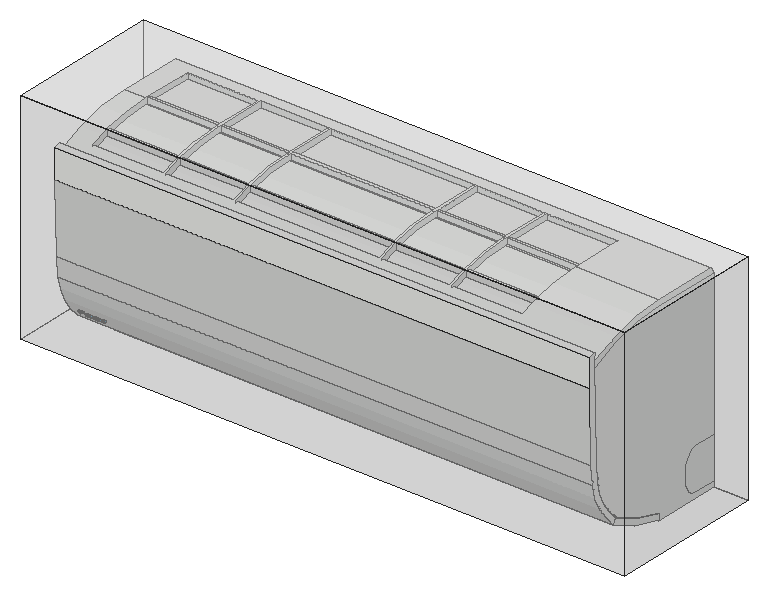
Revit family "outputfile", category 機械設備, Revit 2024
Family settings
  丸型コネクタ寸法 = 半径を使用
  パーツ タイプ = 標準
  OmniClass 番号 = 23.75.10.24.21.27.27
  OmniClass タイトル = Split System Air Conditioning Units
  作業面ベース = いいえ
  常に垂直 = はい
  ロード時にボイドで切り取り = いいえ
  注釈の向きを維持 = いいえ
  共有 = いいえ
  部屋計算ポイント = いいえ
Parameters (values of type "FTKM35XVMG")
  Description = ""
  書き出し IFC クラス(タイプ) = "IfcUnitaryEquipmentType"
  定義済み IFC タイプ(タイプ) = "AIRCONDITIONINGUNIT"
  Cost = 0
  Type Comments = ""
  Keynote = ""
  Type Image = (empty or 0)
  Assembly Code = ""
  w_wall hole = if(Width = 770.0 mm, 48.0 mm, 60.0 mm)  # 48.0 mm
  製造元 = "Daikin"
  モデル = "FTKM35XVMG"
  switch_frequency = yes
  r_Liquid Pipe Size = Liquid Pipe Size / 2  # 3.2 mm
  r_Gas Pipe Size = Gas Pipe Size / 2  # 4.75 mm
  r_Drain Pipe Size = Drain Pipe Size / 2  # 8.0 mm
  lw_powersupply [instance] = if(Width = 770.0 mm, if(or(Rear Right Connection_refrigerant, Bottom Right Connection_refrigerant), 25.0 mm, if(or(Rear Left Connection_refrigerant, Bottom Left Connection_refrigerant), 745.0 mm, 400.0 mm)), if(Width = 990.0 mm, if(or(Rear Right Connection_refrigerant, Bottom Right Connection_refrigerant), 40.0 mm, if(or(Rear Left Connection_refrigerant, Bottom Left Connection_refrigerant), 920.0 mm, 400.0 mm)), if(or(Rear Right Connection_refrigerant, Bottom Right Connection_refrigerant), 40.0 mm, if(or(Rear Left Connection_refrigerant, Bottom Left Connection_refrigerant), 920.0 mm, 400.0 mm))))  # 400.0 mm
  lw_liquidpipe [instance] = if(Width = 770.0 mm, if(or(Rear Right Connection_refrigerant, Bottom Right Connection_refrigerant), 0.0 mm, if(or(Rear Left Connection_refrigerant, Bottom Left Connection_refrigerant), 664.0 mm, 385.0 mm)), if(Width = 990.0 mm, if(or(Rear Right Connection_refrigerant, Bottom Right Connection_refrigerant), 0.0 mm, if(or(Rear Left Connection_refrigerant, Bottom Left Connection_refrigerant), 664.0 mm + (990.0 mm - 770.0 mm), 475.0 mm)), if(or(Rear Right Connection_refrigerant, Bottom Right Connection_refrigerant), 0.0 mm, if(or(Rear Left Connection_refrigerant, Bottom Left Connection_refrigerant), 664.0 mm + (990.0 mm - 770.0 mm), 475.0 mm))))  # 385.0 mm
  lw_gaspipe [instance] = if(Width = 770.0 mm, if(or(Rear Right Connection_refrigerant, Bottom Right Connection_refrigerant), 0.0 mm, if(or(Rear Left Connection_refrigerant, Bottom Left Connection_refrigerant), 675.0 mm, if(Gas Pipe Size = 12.7 mm, 345.0 mm, 335.0 mm))), if(Width = 990.0 mm, if(or(Rear Right Connection_refrigerant, Bottom Right Connection_refrigerant), 10.0 mm, if(or(Rear Left Connection_refrigerant, Bottom Left Connection_refrigerant), 890.0 mm, if(Gas Pipe Size = 15.9 mm, 400.0 mm, 400.0 mm))), if(or(Rear Right Connection_refrigerant, Bottom Right Connection_refrigerant), 10.0 mm, if(or(Rear Left Connection_refrigerant, Bottom Left Connection_refrigerant), 890.0 mm, if(Gas Pipe Size = 15.9 mm, 400.0 mm, 400.0 mm)))))  # 335.0 mm
  lw_drainpipe [instance] = if(Width = 770.0 mm, if(or(Rear Right Connection_refrigerant, Bottom Right Connection_refrigerant), 0.0 mm, if(or(Rear Left Connection_refrigerant, Bottom Left Connection_refrigerant), 770.0 mm - 48.0 mm - 48.0 mm, 440.0 mm)), if(Width = 990.0 mm, if(or(Rear Right Connection_refrigerant, Bottom Right Connection_refrigerant), 0.0 mm, if(or(Rear Left Connection_refrigerant, Bottom Left Connection_refrigerant), 675.0 mm + (990.0 mm - 770.0 mm), 435.0 mm)), if(or(Rear Right Connection_refrigerant, Bottom Right Connection_refrigerant), 0.0 mm, if(or(Rear Left Connection_refrigerant, Bottom Left Connection_refrigerant), 675.0 mm + (990.0 mm - 770.0 mm), 435.0 mm))))  # 440.0 mm
  l_powersupply_length [instance] = if(Width = 770.0 mm, if(Right Connection_refrigerant, 400.0 mm, if(Left Connection_refrigerant, 770.0 mm - 400.0 mm, if(or(Rear Left Connection_refrigerant, Rear Right Connection_refrigerant), 15.0 mm, 50.0 mm))), if(Width = 990.0 mm, if(Right Connection_refrigerant, 400.0 mm, if(Left Connection_refrigerant, 990.0 mm - 400.0 mm, if(or(Rear Left Connection_refrigerant, Rear Right Connection_refrigerant), 15.0 mm, 50.0 mm))), if(Right Connection_refrigerant, 400.0 mm, if(Left Connection_refrigerant, 990.0 mm - 400.0 mm, if(or(Rear Left Connection_refrigerant, Rear Right Connection_refrigerant), 15.0 mm, 50.0 mm)))))  # 400.0 mm
  l_liquidpipe_length [instance] = if(Width = 770.0 mm, if(Right Connection_refrigerant, 433.0 mm, if(Left Connection_refrigerant, 337.0 mm, if(or(Rear Left Connection_refrigerant, Rear Right Connection_refrigerant), 30.0 mm, 40.0 mm))), if(Width = 990.0 mm, if(Right Connection_refrigerant, 535.0 mm, if(Left Connection_refrigerant, 455.0 mm, if(or(Rear Left Connection_refrigerant, Rear Right Connection_refrigerant), 30.0 mm, 40.0 mm))), if(Right Connection_refrigerant, 535.0 mm, if(Left Connection_refrigerant, 455.0 mm, if(or(Rear Left Connection_refrigerant, Rear Right Connection_refrigerant), 30.0 mm, 40.0 mm)))))  # 433.0 mm
  l_gaspipe_length [instance] = if(Width = 770.0 mm, if(Right Connection_refrigerant, if(Gas Pipe Size = 12.7 mm, 393.0 mm, 383.0 mm), if(Left Connection_refrigerant, if(Gas Pipe Size = 12.7 mm, 770.0 mm - 393.0 mm, 770.0 mm - 383.0 mm), if(or(Rear Left Connection_refrigerant, Rear Right Connection_refrigerant), 40.0 mm, 50.0 mm))), if(Width = 990.0 mm, if(Right Connection_refrigerant, if(Gas Pipe Size = 15.9 mm, 460.0 mm, 460.0 mm), if(Left Connection_refrigerant, if(Gas Pipe Size = 15.9 mm, 990.0 mm - 460.0 mm, 990.0 mm - 460.0 mm), if(or(Rear Left Connection_refrigerant, Rear Right Connection_refrigerant), 40.0 mm, 50.0 mm))), if(Right Connection_refrigerant, if(Gas Pipe Size = 15.9 mm, 460.0 mm, 460.0 mm), if(Left Connection_refrigerant, if(Gas Pipe Size = 15.9 mm, 990.0 mm - 460.0 mm, 990.0 mm - 460.0 mm), if(or(Rear Left Connection_refrigerant, Rear Right Connection_refrigerant), 40.0 mm, 50.0 mm)))))  # 383.0 mm
  l_drainpipe_length [instance] = if(Width = 770.0 mm, if(Right Connection_refrigerant, 488.0 mm, if(Left Connection_refrigerant, 282.0 mm, if(or(Rear Left Connection_refrigerant, Rear Right Connection_refrigerant), 15.0 mm, 20.0 mm))), if(Width = 990.0 mm, if(Right Connection_refrigerant, 495.0 mm, if(Left Connection_refrigerant, 495.0 mm, if(or(Rear Left Connection_refrigerant, Rear Right Connection_refrigerant), 15.0 mm, 20.0 mm))), if(Right Connection_refrigerant, 495.0 mm, if(Left Connection_refrigerant, 495.0 mm, if(or(Rear Left Connection_refrigerant, Rear Right Connection_refrigerant), 15.0 mm, 20.0 mm)))))  # 488.0 mm
  h*** = 0.0 mm  # constant formula
  connector_voltage = Voltage_50Hz  # 230 V
  connector_powerinput = [Power Input (Cooling)]  # 0.000 kW
  connector_phase = Phase_50Hz  # 1
  angle_vertical [instance] = if(or(Bottom Left Connection_refrigerant, Bottom Right Connection_refrigerant), 0.00°, 90.00°)  # 90.00°
  angle_horizontal [instance] = if(Right Connection_refrigerant, 90.00°, if(Left Connection_refrigerant, -90.00°, if(or(Rear Left Connection_refrigerant, Rear Right Connection_refrigerant), 180.00°, 0.00°)))  # 90.00°
  Width = 770.0 mm
  Voltage_comment_50Hz = "220 - 240"
  Voltage_50Hz = 230 V
  Version = "ver.1.0"
  Unit Type = "Wall Mounted"
  Unit Mass Weight = 9.00 kg
  Unit Designation [instance] = ""
  Uniclass2015Version = "Products v1.30"
  Uniclass2015Title = "Split coil room air conditioning units"
  Uniclass2015Code = "Pr_70_65_03_86"
  URL = ""
  Total Cooling Capacity [instance] = 0.000 kW
  Sound Pressure Level_M speed (dBA) = 37
  Sound Pressure Level_L speed (dBA) = 27
  Sound Pressure Level_H speed (dBA) = 47
  Sound Power Level_H speed (dB) = 0
  Series = "Single Split_Fan Coil Unit"
  Sensible Cooling Capacity [instance] = 0.000 kW
  Refrigerant Type = "R32"
  Power Input (Cooling) = 0.000 kW
  Phase_50Hz = 1
  Option Accessory 3 [instance] = ""
  Option Accessory 2 [instance] = ""
  Option Accessory 1 [instance] = ""
  Nominal Cooling Capacity = 3.500 kW
  Minimum Circuit Amps_50Hz = 0.0 A
  Minimum Airflow = 402.00 m³/h
  Median Airflow = 522.00 m³/h
  Maximum Fuse Amps_50Hz = 0.0 A
  Maximum Airflow = 732.00 m³/h
  Material_Casing = DAIKIN_White_Casing_indoorunit
  Load Classification = HVAC
  Liquid Pipe Size = 6.4 mm
  Link_Nested Family [instance] = ""
  IfcVersion = ""
  IfcExportType = "AIRCONDITIONINGUNIT"
  IfcExportAs = "IfcUnitaryEquipmentType"
  Height = 285.0 mm
  Heat Exchanger Type = "Cross Fin Coil"
  Gas Pipe Size = 9.5 mm
  Frequency_50Hz = 50 Hz
  Fan Type = "Cross Flow Fan"
  Fan Drive = "Direct Drive"
  FCU Tag No. [instance] = ""
  Drain Pipe Size = 16.0 mm
  Design Supply Airflow [instance] = 0.00 m³/h
  Depth = 223.0 mm
  既定の高さ = 0.0 mm
  Cooling Entering Wet Bulb Temperature [instance] = 0.00 °C
  Cooling Entering Dry Bulb Temperature [instance] = 0.00 °C
  Cooling Ambient Wet Bulb Temperature [instance] = 0.00 °C
  Cooling Ambient Dry Bulb Temperature [instance] = 0.00 °C
  Clearance visibility [instance] = yes
  Clearance Top = 30.0 mm
  Clearance Right = 50.0 mm
  Clearance Rear = 0.0 mm
  Clearance Left = 50.0 mm
  Clearance Front = 0.0 mm
  Clearance Bottom = 0.0 mm
  Bottom Right Connection_refrigerant [instance] = no
  Bottom Left Connection_refrigerant [instance] = no
  Rear Right Connection_refrigerant [instance] = no
  Rear Left Connection_refrigerant [instance] = no
  Right Connection_refrigerant [instance] = yes
  Left Connection_refrigerant [instance] = no
Reference planes
  plane 1 "Back": y = 0
  plane 2: z = 0
  plane 3 "Center (Left/Right)": x = 0
  plane 4 "Center (Front/Back)": y = -111.5
  plane 5 "Front": y = -223
  plane 6 "Left": x = -385
  plane 7 "Right": x = 385
  plane 8 "Top": z = 0
  plane 9 "Bottom": z = -285
  plane 10: x = -435
  plane 11: x = 435
  plane 12: y = 0
  plane 13: y = -223
  plane 14: z = 30
  plane 15: z = -285
  plane 16 "lw_Piping and Wiring intake": x = 337
  plane 17 "lw_gaspipe": x = 2
  plane 18 "lw_liquidpipe": x = -48
  plane 19 "lw_drainpipe": x = -103
  plane 20 "lh_drainpipe": z = -265
  plane 21 "lh_liquidpipe": z = -245
  plane 22 "lh_gaspipe": z = -235
  plane 23 "ld_drainpipe": y = -15
  plane 24 "ld_liquidpipe": y = -30
  plane 25 "ld_gaspipe": y = -40
  plane 26 "lw_powersupply": x = -15
Dimensions and locks
  equal spacing: plane 6 "Left", plane 3 "Center (Left/Right)", plane 7 "Right"
  "Width": plane 6 "Left" to plane 7 "Right"
  equal spacing: plane 5 "Front", plane 4 "Center (Front/Back)", plane 1 "Back"
  "Depth": plane 5 "Front" to plane 1 "Back"
  "Height": plane 8 "Top" to plane 9 "Bottom"
  "Clearance Rear": plane 12 to plane 1 "Back"
  "Clearance Front": plane 13 to plane 5 "Front"
  "Clearance Top": plane 14 to plane 8 "Top"
  "Clearance Bottom": plane 9 "Bottom" to plane 15
  "w_wall hole": plane 16 "lw_Piping and Wiring intake" to plane 7 "Right"
  "lw_gaspipe": plane 17 "lw_gaspipe" to plane 16 "lw_Piping and Wiring intake"
  "lw_liquidpipe": plane 18 "lw_liquidpipe" to plane 16 "lw_Piping and Wiring intake"
  "lw_drainpipe": plane 19 "lw_drainpipe" to plane 16 "lw_Piping and Wiring intake"
  locked: plane 20 "lh_drainpipe" to plane 9 "Bottom" at 20
  locked: plane 21 "lh_liquidpipe" to plane 9 "Bottom" at 40
  locked: plane 22 "lh_gaspipe" to plane 9 "Bottom" at 50
  locked: plane 23 "ld_drainpipe" to plane 1 "Back" at 15
  locked: plane 1 "Back" to plane 24 "ld_liquidpipe" at 30
  locked: plane 1 "Back" to plane 25 "ld_gaspipe" at 40
  "lw_powersupply": plane 26 "lw_powersupply" to plane 7 "Right"
  "Clearance Left": plane 10 to plane 6 "Left"
  "Clearance Right": plane 7 "Right" to plane 11
  aligned and locked: level to plane 2
  aligned and locked: plane 12 to nested 1
  aligned and locked: nested 1 to plane 13
  aligned and locked: plane 10 to nested 1
  aligned and locked: plane 11 to nested 1
  aligned and locked: plane 15 to nested 1
  aligned and locked: plane 14 to nested 1
  aligned and locked: plane 17 "lw_gaspipe" to nested 2
  aligned and locked: nested 2 to plane 25 "ld_gaspipe"
  aligned and locked: plane 18 "lw_liquidpipe" to nested 3
  aligned and locked: nested 3 to plane 24 "ld_liquidpipe"
  aligned and locked: plane 19 "lw_drainpipe" to nested 4
  aligned and locked: nested 4 to plane 23 "ld_drainpipe"
  aligned and locked: nested 5 to plane 23 "ld_drainpipe"
  aligned and locked: plane 26 "lw_powersupply" to nested 5
  aligned and locked: level to plane 8 "Top"
  aligned and locked: plane 3 "Center (Left/Right)" to nested 6
  aligned and locked: plane 1 "Back" to nested 6
  aligned and locked: plane 8 "Top" to nested 6
Nested families
  nested 1: "daikin_clearancespace" at (0, -111.5, -127.381), show <- "Clearance visibility", visible <- "Clearance visibility", Link_Nested Family <- "Link_Nested Family", type "daikin_clearancespace"
    with width 870.0 mm, show yes, height 315.0 mm, depth 223.0 mm, Link_Nested Family ""
  nested 2: "daikin_connector_rotate3" at (2, -40, -235), angle_vertical <- "angle_vertical", angle_horizontal <- "angle_horizontal", length <- "l_gaspipe_length", radius <- "r_Gas Pipe Size", type "daikin_connector_rotate3"
    with show no, radius 4.75 mm, length 383.0 mm, angle_vertical 90.00°, angle_horizontal 90.00°
  nested 3: "daikin_connector_rotate3" at (-48, -30, -245), angle_vertical <- "angle_vertical", angle_horizontal <- "angle_horizontal", radius <- "r_Liquid Pipe Size", length <- "l_liquidpipe_length", type "daikin_connector_rotate3"
    with show no, radius 3.2 mm, length 433.0 mm, angle_vertical 90.00°, angle_horizontal 90.00°
  nested 4: "daikin_connector_rotate3" at (-103, -15, -265), angle_vertical <- "angle_vertical", angle_horizontal <- "angle_horizontal", length <- "l_drainpipe_length", radius <- "r_Drain Pipe Size", type "daikin_connector_rotate3"
    with show no, radius 8.0 mm, length 488.0 mm, angle_vertical 90.00°, angle_horizontal 90.00°
  nested 5: "daikin_connector_rotate3" at (-15, -15, -235), angle_vertical <- "angle_vertical", angle_horizontal <- "angle_horizontal", length <- "l_powersupply_length", type "daikin_connector_rotate3"
    with show no, radius 10.0 mm, length 400.0 mm, angle_vertical 90.00°, angle_horizontal 90.00°
  nested 6: "DAIKIN_indoorunit_FTKM-XVMG" at (-31, 0, 0), type "FTKM-XVMG"
Connectors
  piping at (385, -40, -235), diameter 9.5, driven by "r_Gas Pipe Size"
    settings: on nested 2, index 1, connector inside diameter 609.6 mm, connector length 0.0 mm, flow factor 0, pipe flow 0.00 m³/h, pressure drop 0.0 Pa, fitting loss kfactor 0, connector angle 0.00°, fixture units 0, engagement length 0.0 mm, angle of deflection 0.00°, flow configuration 1, flow direction 2, fitting loss method 0, system type 29, joint type 0, gender type 0, connector reference index -1, connector utility 0, adjustable connector no, is connector primary yes, connector description "Refrigerant Gas Piping"
  piping at (385, -30, -245), diameter 6.4, driven by "r_Liquid Pipe Size"
    settings: on nested 3, index 2, connector inside diameter 609.6 mm, connector length 0.0 mm, flow factor 0, pipe flow 0.00 m³/h, pressure drop 0.0 Pa, fitting loss kfactor 0, connector angle 0.00°, fixture units 0, engagement length 0.0 mm, angle of deflection 0.00°, flow configuration 1, flow direction 1, fitting loss method 0, system type 29, joint type 0, gender type 0, connector reference index -1, connector utility 0, adjustable connector no, is connector primary no, connector description "Refrigerant Liquid Piping"
  piping at (385, -15, -265), diameter 16, driven by "r_Drain Pipe Size"
    settings: on nested 4, index 3, connector inside diameter 609.6 mm, connector length 0.0 mm, flow factor 0, pipe flow 0.00 m³/h, pressure drop 0.0 Pa, fitting loss kfactor 0, connector angle 0.00°, fixture units 0, engagement length 0.0 mm, angle of deflection 0.00°, flow configuration 1, flow direction 2, fitting loss method 4, system type 16, joint type 0, gender type 0, connector reference index -1, connector utility 0, adjustable connector no, is connector primary no, connector description "Condensate Drain Piping"
  electrical at (385, -15, -235), driven by "Load Classification", driven by "connector_powerinput", driven by "connector_voltage", driven by "connector_phase"
    settings: on nested 5, index 4, voltage 230 V, apparent load 0 VA, apparent load phase1 0 VA, apparent load phase2 0 VA, apparent load phase3 0 VA, power factor 1, load classification "HVAC", number of poles 1, system type 30, power factor state 1, is connector primary yes, connector utility no, sub classification motor no, connector description "Power Supply"
Definition of nested family "daikin_clearancespace"
  Parameters (values of type "daikin_clearancespace")
    Description = "daikin_clearancespace"
    width [instance] = 1823.963 mm
    show [instance] = yes
    material = none
    height [instance] = 1359.762 mm
    depth [instance] = 880.0 mm
    Default Elevation = 0.0 mm
    Link_Nested Family [instance] = ""
  Reference planes
    plane 1 "Center (Front/Back)": y = 0
    plane 2 "Center (Elevation)": z = -0.119
    plane 3 "Center (Left/Right)": x = 0
    plane 4: y = 440
    plane 5: y = -440
    plane 6 "Right": x = 911.982
    plane 7 "Left": x = -911.982
    plane 8 "Top": z = 679.762
    plane 9 "Bottom": z = -680
  Forms (mm)
    Extrusion 1, solid, material <- "material", visible <- "show"
      sketch origin (0, 0, 0) x (1, 0, 0) y (0, 1, 0)
        loop
          line (-911.982, 440) -> (-911.982, -440) -> (911.982, -440) -> (911.982, 440) -> (-911.982, 440)
      from -680 to 679.762
  Lines and regions (mm)
    symbolic lines, visible <- "show"
      curve 1: line (911.982, 440, 0) -> (-911.982, 440, 0)
      curve 2: line (-911.982, 440, 0) -> (-911.982, -440, 0)
      curve 3: line (-911.982, -440, 0) -> (911.982, -440, 0)
      curve 4: line (911.982, -440, 0) -> (911.982, 440, 0)
      curve 5: line (911.982, 0, 679.762) -> (-911.982, 0, 679.762)
      curve 6: line (911.982, 0, -680) -> (911.982, 0, 679.762)
      curve 7: line (-911.982, 0, -680) -> (911.982, 0, -680)
      curve 8: line (-911.982, 0, 679.762) -> (-911.982, 0, -680)
      curve 9: line (0, 440, 679.762) -> (0, -440, 679.762)
      curve 10: line (0, -440, 679.762) -> (0, -440, -680)
      curve 11: line (0, 440, -680) -> (0, 440, 679.762)
      curve 12: line (0, -440, -680) -> (0, 440, -680)
  Dimensions and locks
    "width": plane 7 "Left" to plane 6 "Right"
    "depth": plane 4 to plane 5
    "height": plane 8 "Top" to plane 9 "Bottom"
    equal spacing: plane 7 "Left", plane 3 "Center (Left/Right)", plane 6 "Right"
    equal spacing: plane 4, plane 1 "Center (Front/Back)", plane 5
    equal spacing: plane 8 "Top", plane 2 "Center (Elevation)", plane 9 "Bottom"
    aligned and locked: level to plane 2 "Center (Elevation)"
    aligned and locked: Extrusion 1 sketch curve to plane 4
    aligned and locked: plane 7 "Left" to Extrusion 1 sketch curve
    aligned and locked: Extrusion 1 sketch curve to plane 5
    aligned and locked: Extrusion 1 sketch curve to plane 6 "Right"
    aligned and locked: plane 8 "Top" to Extrusion 1
    aligned and locked: curve 1 to Extrusion 1
    aligned and locked: curve 2 to Extrusion 1
    aligned and locked: curve 3 to Extrusion 1
    aligned and locked: curve 4 to Extrusion 1
    aligned and locked: curve 5 to Extrusion 1
    aligned and locked: curve 6 to Extrusion 1
    aligned and locked: curve 7 to Extrusion 1
    aligned and locked: curve 8 to Extrusion 1
    aligned and locked: curve 9 to Extrusion 1
    aligned and locked: curve 10 to Extrusion 1
    aligned and locked: curve 11 to Extrusion 1
    aligned and locked: curve 12 to Extrusion 1
    aligned and locked: Extrusion 1 to plane 9 "Bottom"
Definition of nested family "DAIKIN_indoorunit_FTKM-XVMG"
  Parameters (values of type "FTKM-XVMG")
    switch_unit1_50-71 = Width = 990.0 mm  # no
    switch_unit1_25-35 = Width = 770.0 mm  # yes
    Width = 770.0 mm
    WALL HOLE-R = if(Width = 770.0 mm, 48.0 mm, 60.0 mm)  # 48.0 mm
    WALL HOLE Size = if(Width = 770.0 mm, 65.0 mm, 80.0 mm)  # 65.0 mm
    Material_Casing = none
    Height = if(Width = 770.0 mm, 285.0 mm, 295.0 mm)  # 285.0 mm
    Default Elevation = 0.0 mm
  Reference planes
    plane 1 "Center (Front/Back)": y = 0
    plane 2 "reference_level": z = 0
    plane 3 "Center (Left/Right)": x = 31
    plane 4: x = -354
    plane 5: x = 416
    plane 6: z = -285
  Forms (mm)
    Extrusion 1, solid, material <- "Material_Casing", visible <- "switch_unit1_25-35"
      sketch origin (29, 0, 0) x (0, 1, 0) y (0, 0, 1)
        loop
          line (-5, 0) -> (-98, 0)
          arc (-98, 0) -> (-157.611, -7.211) -> (-213.783, -28.427) r 250
          arc (-213.783, -28.427) -> (-213.842, -32.972) -> (-213.892, -37.516) r 2191
          arc (-213.892, -37.516) -> (-157.832, -15.495) -> (-98.07, -8) r 242
          line (-98.07, -8) -> (0, -8) -> (-5, 0)
      from -383 to 387
    Extrusion 2, solid, material <- "Material_Casing", visible <- "switch_unit1_25-35"
      sketch origin (416, 1296.25, 1200) x (0, 1, 0) y (0, 0, 1)
        loop
          line (-1472.998, -1446.91) -> (-1476.998, -1453.839)
          arc (-1476.998, -1453.839) -> (-1437.481, -1472.422) -> (-1395.25, -1483.538) r 240
          line (-1395.25, -1483.538) -> (-1395.25, -1475.422)
          arc (-1395.25, -1475.422) -> (-1435.407, -1464.663) -> (-1472.998, -1446.91) r 232
      from 0 to -47.5
    Extrusion 3, solid, material <- "Material_Casing", visible <- "switch_unit1_25-35"
      sketch origin (29, 0, 0) x (0, 1, 0) y (0, 0, 1)
        loop
          arc (-223, -60.455) -> (-222.414, -110.646) -> (-220.656, -160.81) r 2149.92
          arc (-220.656, -160.81) -> (-219.65, -174.299) -> (-217.853, -187.706) r 229.911
          arc (-217.853, -187.706) -> (-205.371, -223.594) -> (-181.517, -253.17) r 111
          line (-181.517, -253.17) -> (-177.429, -246.093)
          arc (-177.429, -246.093) -> (-198.77, -218.989) -> (-209.965, -186.36) r 103
          arc (-209.965, -186.36) -> (-211.681, -173.586) -> (-212.651, -160.735) r 221.844
          arc (-212.651, -160.735) -> (-214.739, -93.233) -> (-214.74, -25.699) r 2186.828
          arc (-214.74, -25.699) -> (-214.671, -21.467) -> (-214.594, -17.235) r 2192
          line (-214.594, -17.235) -> (-223, -19.961) -> (-223, -60.455)
      from -383 to 387
    Extrusion 4, solid, material <- "Material_Casing", visible <- "switch_unit1_25-35"
      sketch origin (29, 0, -20) x (0, 1, 0) y (0, 0, 1)
        loop
          line (0, -265) -> (0, 12) -> (-98.07, 12)
          arc (-98.07, 12) -> (-157.832, 4.505) -> (-213.892, -17.516) r 242
          arc (-213.892, -17.516) -> (-213.638, -79.114) -> (-211.653, -140.681) r 2191
          arc (-211.653, -140.681) -> (-210.685, -153.501) -> (-208.973, -166.243) r 221
          arc (-208.973, -166.243) -> (-197.471, -199.282) -> (-175.482, -226.491) r 102
          arc (-175.482, -226.491) -> (-138.004, -244.019) -> (-98, -254.579) r 231
          line (-98, -254.579) -> (-98, -265) -> (0, -265)
      from -383 to 387
    Extrusion 5, solid, material <- "Material_Casing", visible <- "switch_unit1_25-35"
      sketch origin (-354, 1296.25, 1200) x (0, 1, 0) y (0, 0, 1)
        loop
          line (-1472.998, -1446.91) -> (-1476.998, -1453.839)
          arc (-1476.998, -1453.839) -> (-1437.481, -1472.422) -> (-1395.25, -1483.538) r 240
          line (-1395.25, -1483.538) -> (-1395.25, -1475.422)
          arc (-1395.25, -1475.422) -> (-1435.407, -1464.663) -> (-1472.998, -1446.91) r 232
      from 47 to 0
    Extrusion 6, solid, material <- "Material_Casing", visible <- "switch_unit1_25-35"
      sketch origin (416, 1296.25, 1200) x (0, 1, 0) y (0, 0, 1)
        loop
          line (-1472.998, -1446.91) -> (-1476.998, -1453.839)
          arc (-1476.998, -1453.839) -> (-1443.437, -1470.168) -> (-1407.75, -1481.097) r 240
          line (-1407.75, -1481.097) -> (-1407.75, -1472.894)
          arc (-1407.75, -1472.894) -> (-1441.363, -1462.385) -> (-1472.998, -1446.91) r 232
      from -116.993 to -48.493
    Extrusion 7, solid, material <- "Material_Casing", visible <- "switch_unit1_25-35"
      sketch origin (416, 1296.25, 1200) x (0, 1, 0) y (0, 0, 1)
        loop
          line (-1472.998, -1446.91) -> (-1476.998, -1453.839)
          arc (-1476.998, -1453.839) -> (-1443.437, -1470.168) -> (-1407.75, -1481.097) r 240
          line (-1407.75, -1481.097) -> (-1407.75, -1472.894)
          arc (-1407.75, -1472.894) -> (-1441.363, -1462.385) -> (-1472.998, -1446.91) r 232
      from -717 to -121.993
    Extrusion 8, void
      sketch origin (31, 0, -235) x (1, 0, 0) y (0, 1, 0)
        loop
          line (-252.674, -22.316) -> (-354.941, -22.316) -> (-354.941, -91.341) -> (-252.674, -91.341) -> (-252.674, -22.316)
        loop
          line (-249.341, -91.341) -> (-151.574, -91.341) -> (-151.574, -22.316) -> (-249.341, -22.316) -> (-249.341, -91.341)
        loop
          line (58.309, -22.316) -> (-148.309, -22.316) -> (-148.309, -91.341) -> (58.309, -91.341) -> (58.309, -22.316)
        loop
          line (61.689, -22.316) -> (61.689, -91.341) -> (159.457, -91.341) -> (159.457, -22.316) -> (61.689, -22.316)
        loop
          line (162.789, -22.316) -> (162.789, -91.341) -> (265.057, -91.341) -> (265.057, -22.316) -> (162.789, -22.316)
        loop
          line (-354.941, -94.659) -> (-354.941, -165.259) -> (-252.674, -165.259) -> (-252.674, -94.659) -> (-354.941, -94.659)
        loop
          line (-249.341, -94.659) -> (-249.341, -165.259) -> (-151.574, -165.259) -> (-151.574, -94.659) -> (-249.341, -94.659)
        loop
          line (-148.309, -94.659) -> (-148.309, -165.259) -> (58.309, -165.259) -> (58.309, -94.659) -> (-148.309, -94.659)
        loop
          line (61.689, -94.659) -> (61.689, -165.259) -> (159.457, -165.259) -> (159.457, -94.659) -> (61.689, -94.659)
        loop
          line (162.789, -94.659) -> (162.789, -165.259) -> (265.057, -165.259) -> (265.057, -94.659) -> (162.789, -94.659)
        loop
          line (-354.941, -167.382) -> (-354.941, -192.681) -> (-252.674, -192.681) -> (-252.674, -167.382) -> (-354.941, -167.382)
        loop
          line (-249.341, -167.382) -> (-249.341, -192.681) -> (-151.574, -192.681) -> (-151.574, -167.382) -> (-249.341, -167.382)
        loop
          line (-148.309, -167.382) -> (-148.309, -192.681) -> (58.309, -192.681) -> (58.309, -167.382) -> (-148.309, -167.382)
        loop
          line (159.457, -167.382) -> (61.689, -167.382) -> (61.689, -192.681) -> (159.457, -192.681) -> (159.457, -167.382)
        loop
          line (265.057, -167.382) -> (162.789, -167.382) -> (162.789, -192.681) -> (265.057, -192.681) -> (265.057, -167.382)
      from 201.638 to 250
    Extrusion 9, solid, material <- "Material_Casing"
      sketch origin (31, 0, 0) x (1, 0, 0) y (0, 0, 1)
        loop
          circle (337, -240.5) r 32.5
        loop
          circle (-337, -240.5) r 32.5
      from 0 to 5
    Extrusion 10, solid, material <- "Material_Casing", visible <- "switch_unit1_25-35"
      sketch origin (416, 1296.25, 1200) x (0, -1, 0) y (0, 0, 1)
        loop
          line (1326.25, -1417) -> (1296.25, -1417) -> (1296.25, -1477) -> (1326.25, -1477)
          arc (1326.25, -1477) -> (1340.393, -1471.142) -> (1346.25, -1457) r 20
          line (1346.25, -1457) -> (1346.25, -1437)
          arc (1346.25, -1437) -> (1340.393, -1422.858) -> (1326.25, -1417) r 20
      from 0 to 5
    Extrusion 11, solid, material <- "Material_Casing", visible <- "switch_unit1_25-35"
      sketch origin (-354, 1296.25, 1200) x (0, 1, 0) y (0, 0, 1)
        loop
          line (-1296.25, -1417) -> (-1326.25, -1417)
          arc (-1326.25, -1417) -> (-1340.393, -1422.858) -> (-1346.25, -1437) r 20
          line (-1346.25, -1437) -> (-1346.25, -1457)
          arc (-1346.25, -1457) -> (-1340.393, -1471.142) -> (-1326.25, -1477) r 20
          line (-1326.25, -1477) -> (-1296.25, -1477) -> (-1296.25, -1417)
      from 0 to 5
    Extrusion 12, solid, material <- "Material_Casing", visible <- "switch_unit1_25-35"
      sketch origin (31, 0, -285) x (-1, 0, 0) y (0, -1, 0)
        loop
          line (-314, 0) -> (-314, 30)
          arc (-314, 30) -> (-319.858, 44.142) -> (-334, 50) r 20
          line (-334, 50) -> (-354, 50)
          arc (-354, 50) -> (-368.142, 44.142) -> (-374, 30) r 20
          line (-374, 30) -> (-374, 0) -> (-314, 0)
        loop
          line (374, 0) -> (374, 30)
          arc (374, 30) -> (368.142, 44.142) -> (354, 50) r 20
          line (354, 50) -> (334, 50)
          arc (334, 50) -> (319.858, 44.142) -> (314, 30) r 20
          line (314, 30) -> (314, 0) -> (374, 0)
      from 0 to 5
    Extrusion 13, solid, material <- "Material_Casing", visible <- "switch_unit1_50-71"
      sketch origin (31, 0, 0) x (0, 1, 0) y (0, 0, 1)
        loop
          line (-5, 0) -> (-138, 0)
          arc (-138, 0) -> (-197.611, -7.211) -> (-253.783, -28.427) r 250
          arc (-253.783, -28.427) -> (-253.838, -32.687) -> (-253.886, -36.946) r 2191
          arc (-253.886, -36.946) -> (-197.73, -15.346) -> (-138.014, -8) r 246.393
          line (-138.014, -8) -> (0, -8) -> (-5, 0)
      from -495 to 495
    Extrusion 14, solid, material <- "Material_Casing", visible <- "switch_unit1_50-71"
      sketch origin (418, 1296.25, 1200) x (0, 1, 0) y (0, 0, 1)
        loop
          arc (-1515.208, -1454.149) -> (-1506.856, -1460.599) -> (-1497.925, -1466.219) r 110
          arc (-1497.925, -1466.219) -> (-1445.718, -1487.493) -> (-1389.844, -1494.995) r 223
          line (-1389.844, -1494.995) -> (-1389.844, -1486.086) -> (-1404.386, -1486.086)
          arc (-1404.386, -1486.086) -> (-1449.542, -1477.46) -> (-1491.818, -1459.402) r 214.289
          arc (-1491.818, -1459.402) -> (-1501.056, -1453.541) -> (-1509.606, -1446.715) r 101
          line (-1509.606, -1446.715) -> (-1515.208, -1454.149)
      from 108 to 57.5
    Extrusion 15, solid, material <- "Material_Casing", visible <- "switch_unit1_50-71"
      sketch origin (31, 0, 0) x (0, 1, 0) y (0, 0, 1)
        loop
          line (-263, -19.962) -> (-263, -61.6)
          arc (-263, -61.6) -> (-262.414, -110.219) -> (-260.656, -158.81) r 2017.341
          arc (-260.656, -158.81) -> (-255.648, -191.935) -> (-244.041, -223.362) r 164.725
          arc (-244.041, -223.362) -> (-233.569, -239.793) -> (-219.717, -253.495) r 87.379
          line (-219.717, -253.495) -> (-214.706, -246.846)
          arc (-214.706, -246.846) -> (-229.564, -230.029) -> (-240.385, -210.371) r 102
          arc (-240.385, -210.371) -> (-249.049, -182.962) -> (-252.848, -154.467) r 165.789
          arc (-252.848, -154.467) -> (-254.771, -90.102) -> (-254.74, -25.708) r 2122.533
          arc (-254.74, -25.708) -> (-254.671, -21.469) -> (-254.594, -17.23) r 2192
          line (-254.594, -17.23) -> (-263, -19.962)
      from -495 to 495
    Extrusion 16, void
      sketch origin (33, 0, 0) x (1, 0, 0) y (0, 1, 0)
        loop
          line (-466.909, -22.316) -> (-466.909, -111.341) -> (-366.303, -111.341) -> (-366.303, -22.316) -> (-466.909, -22.316)
        loop
          line (-362.71, -22.316) -> (-362.71, -111.341) -> (-262.103, -111.341) -> (-262.103, -22.316) -> (-362.71, -22.316)
        loop
          line (-258.51, -22.316) -> (-258.51, -111.341) -> (-157.904, -111.341) -> (-157.904, -22.316) -> (-258.51, -22.316)
        loop
          line (-154.31, -22.316) -> (-154.31, -111.341) -> (-53.704, -111.341) -> (-53.704, -22.316) -> (-154.31, -22.316)
        loop
          line (-50.11, -22.316) -> (-50.11, -111.341) -> (50.496, -111.341) -> (50.496, -22.316) -> (-50.11, -22.316)
        loop
          line (54.089, -22.316) -> (54.089, -111.341) -> (154.696, -111.341) -> (154.696, -22.316) -> (54.089, -22.316)
        loop
          line (158.289, -22.316) -> (158.289, -111.341) -> (258.895, -111.341) -> (258.895, -22.316) -> (158.289, -22.316)
        loop
          line (262.489, -22.316) -> (262.489, -111.341) -> (363.095, -111.341) -> (363.095, -22.316) -> (262.489, -22.316)
        loop
          line (-466.909, -114.459) -> (-466.909, -185.059) -> (-366.303, -185.059) -> (-366.303, -114.459) -> (-466.909, -114.459)
        loop
          line (-362.71, -114.459) -> (-362.71, -185.059) -> (-262.103, -185.059) -> (-262.103, -114.459) -> (-362.71, -114.459)
        loop
          line (-258.51, -114.459) -> (-258.51, -185.059) -> (-157.904, -185.059) -> (-157.904, -114.459) -> (-258.51, -114.459)
        loop
          line (-154.31, -114.459) -> (-154.31, -185.059) -> (-53.704, -185.059) -> (-53.704, -114.459) -> (-154.31, -114.459)
        loop
          line (-50.11, -114.459) -> (-50.11, -185.059) -> (50.496, -185.059) -> (50.496, -114.459) -> (-50.11, -114.459)
        loop
          line (54.089, -114.459) -> (54.089, -185.059) -> (154.696, -185.059) -> (154.696, -114.459) -> (54.089, -114.459)
        loop
          line (158.289, -114.459) -> (158.289, -185.059) -> (258.895, -185.059) -> (258.895, -114.459) -> (158.289, -114.459)
        loop
          line (262.489, -114.459) -> (262.489, -185.059) -> (363.095, -185.059) -> (363.095, -114.459) -> (262.489, -114.459)
        loop
          line (-466.909, -187.382) -> (-466.909, -232.681) -> (-366.303, -232.681) -> (-366.303, -187.382) -> (-466.909, -187.382)
        loop
          line (-362.71, -187.382) -> (-362.71, -232.681) -> (-262.103, -232.681) -> (-262.103, -187.382) -> (-362.71, -187.382)
        loop
          line (-258.51, -187.382) -> (-258.51, -232.681) -> (-157.904, -232.681) -> (-157.904, -187.382) -> (-258.51, -187.382)
        loop
          line (-154.31, -187.382) -> (-154.31, -232.681) -> (-53.704, -232.681) -> (-53.704, -187.382) -> (-154.31, -187.382)
        loop
          line (-50.11, -187.382) -> (-50.11, -232.681) -> (50.496, -232.681) -> (50.496, -187.382) -> (-50.11, -187.382)
        loop
          line (54.089, -187.382) -> (54.089, -232.681) -> (154.696, -232.681) -> (154.696, -187.382) -> (54.089, -187.382)
        loop
          line (158.289, -187.382) -> (158.289, -232.681) -> (258.895, -232.681) -> (258.895, -187.382) -> (158.289, -187.382)
        loop
          line (262.489, -187.382) -> (262.489, -232.681) -> (363.095, -232.681) -> (363.095, -187.382) -> (262.489, -187.382)
      from -40.013 to 47.268
    Extrusion 17, solid, material <- "Material_Casing", visible <- "switch_unit1_50-71"
      sketch origin (-356, 1296.25, 1200) x (0, 1, 0) y (0, 0, -1)
        loop
          line (-1515.208, 1454.149) -> (-1509.606, 1446.715)
          arc (-1509.606, 1446.715) -> (-1501.056, 1453.541) -> (-1491.818, 1459.402) r 101
          arc (-1491.818, 1459.402) -> (-1449.542, 1477.46) -> (-1404.386, 1486.086) r 214.289
          line (-1404.386, 1486.086) -> (-1389.844, 1486.086) -> (-1389.844, 1494.995)
          arc (-1389.844, 1494.995) -> (-1445.718, 1487.493) -> (-1497.925, 1466.219) r 223
          arc (-1497.925, 1466.219) -> (-1506.856, 1460.599) -> (-1515.208, 1454.149) r 110
      from 108 to 61
    Extrusion 18, solid, material <- "Material_Casing", visible <- "switch_unit1_50-71"
      sketch origin (418, 1296.25, 1200) x (0, 1, 0) y (0, 0, 1)
        loop
          arc (-1515.208, -1454.149) -> (-1506.856, -1460.599) -> (-1497.925, -1466.219) r 110
          arc (-1497.925, -1466.219) -> (-1463.185, -1482.066) -> (-1426.25, -1491.755) r 223
          line (-1426.25, -1491.755) -> (-1426.25, -1483.166)
          arc (-1426.25, -1483.166) -> (-1460.008, -1473.969) -> (-1491.818, -1459.402) r 214.289
          arc (-1491.818, -1459.402) -> (-1501.056, -1453.541) -> (-1509.606, -1446.715) r 101
          line (-1509.606, -1446.715) -> (-1515.208, -1454.149)
      from 56.5 to -36.993
    Extrusion 19, solid, material <- "Material_Casing", visible <- "switch_unit1_50-71"
      sketch origin (418, 1296.25, 1200) x (0, 1, 0) y (0, 0, 1)
        loop
          arc (-1426.25, -1483.166) -> (-1443.442, -1479.224) -> (-1460.25, -1473.881) r 214.289
          line (-1460.25, -1473.881) -> (-1460.25, -1483.089)
          arc (-1460.25, -1483.089) -> (-1443.421, -1488.091) -> (-1426.25, -1491.755) r 223
          line (-1426.25, -1491.755) -> (-1426.25, -1483.166)
      from -43.493 to -828.893
    Extrusion 20, solid, material <- "Material_Casing", visible <- "switch_unit1_50-71"
      sketch origin (418, 1296.25, 1200) x (0, 1, 0) y (0, 0, 1)
        loop
          arc (-1515.208, -1454.149) -> (-1506.856, -1460.599) -> (-1497.925, -1466.219) r 110
          arc (-1497.925, -1466.219) -> (-1479.479, -1475.527) -> (-1460.25, -1483.089) r 223
          line (-1460.25, -1483.089) -> (-1460.25, -1473.881)
          arc (-1460.25, -1473.881) -> (-1476.328, -1467.282) -> (-1491.818, -1459.402) r 214.289
          arc (-1491.818, -1459.402) -> (-1501.056, -1453.541) -> (-1509.606, -1446.715) r 101
          line (-1509.606, -1446.715) -> (-1515.208, -1454.149)
      from -43.493 to -828.893
    Extrusion 21, solid, material <- "Material_Casing", visible <- "switch_unit1_50-71"
      sketch origin (31, 0, -30) x (0, 1, 0) y (0, 0, 1)
        loop
          line (0, 22) -> (-138.014, 22)
          arc (-138.014, 22) -> (-197.73, 14.654) -> (-253.886, -6.946) r 246.393
          arc (-253.886, -6.946) -> (-253.682, -65.635) -> (-251.855, -124.295) r 2120.935
          arc (-251.855, -124.295) -> (-248.086, -152.682) -> (-239.461, -179.988) r 164.789
          arc (-239.461, -179.988) -> (-228.903, -199.231) -> (-214.437, -215.738) r 101
          line (-214.437, -215.738) -> (-212.406, -216.221)
          arc (-212.406, -216.221) -> (-204.07, -222.837) -> (-195.079, -228.53) r 100
          arc (-195.079, -228.53) -> (-145.557, -248.629) -> (-92.593, -255.785) r 213.289
          line (-92.593, -255.785) -> (-92.593, -265) -> (0, -265) -> (0, 22)
      from -495 to 495
    Extrusion 22, solid, material <- "Material_Casing", visible <- "switch_unit1_50-71"
      sketch origin (526, 1296.25, 1200) x (0, -1, 0) y (0, 0, 1)
        loop
          line (1326.25, -1427.035) -> (1296.25, -1427.035) -> (1296.25, -1487.035) -> (1326.25, -1487.035)
          arc (1326.25, -1487.035) -> (1340.393, -1481.177) -> (1346.25, -1467.035) r 20
          line (1346.25, -1467.035) -> (1346.25, -1447.035)
          arc (1346.25, -1447.035) -> (1340.393, -1432.892) -> (1326.25, -1427.035) r 20
      from 0 to 5
    Extrusion 23, solid, material <- "Material_Casing", visible <- "switch_unit1_50-71"
      sketch origin (-459, 1296.25, 1200) x (0, -1, 0) y (0, 0, 1)
        loop
          line (1326.25, -1427.035) -> (1296.25, -1427.035) -> (1296.25, -1487.035) -> (1326.25, -1487.035)
          arc (1326.25, -1487.035) -> (1340.393, -1481.177) -> (1346.25, -1467.035) r 20
          line (1346.25, -1467.035) -> (1346.25, -1447.035)
          arc (1346.25, -1447.035) -> (1340.393, -1432.892) -> (1326.25, -1427.035) r 20
      from 0 to 5
    Extrusion 24, solid, material <- "Material_Casing", visible <- "switch_unit1_50-71"
      sketch origin (31, 200, -295) x (-1, 0, 0) y (0, -1, 0)
        loop
          line (469, 200) -> (469, 230)
          arc (469, 230) -> (463.142, 244.142) -> (449, 250) r 20
          line (449, 250) -> (429, 250)
          arc (429, 250) -> (414.858, 244.142) -> (409, 230) r 20
          line (409, 230) -> (409, 200) -> (469, 200)
        loop
          line (-469, 200) -> (-409, 200) -> (-409, 230)
          arc (-409, 230) -> (-414.858, 244.142) -> (-429, 250) r 20
          line (-429, 250) -> (-449, 250)
          arc (-449, 250) -> (-463.142, 244.142) -> (-469, 230) r 20
          line (-469, 230) -> (-469, 200)
      from 0 to 5
  Cuts and joins
    Extrusion 8 cuts Extrusion 1
    Extrusion 16 cuts Extrusion 13
  Lines and regions (mm)
    reference lines
      curve 1: line (-523, -201.911, -229.404) -> (-523, -193.542, -239.977)
      curve 2: line (-523, -240.779, -229.404) -> (-523, -232.411, -239.977)
  Dimensions and locks
    locked: Extrusion 10 sketch curve to Extrusion 10 sketch curve at 60
    locked: Extrusion 10 sketch curve to Extrusion 10 sketch curve at 50
    locked: Extrusion 12 sketch curve to Extrusion 12 sketch curve at 60  (x2)
    locked: Extrusion 12 sketch curve to Extrusion 12 sketch curve at 50
    equal spacing: plane 5, plane 3 "Center (Left/Right)", plane 4
    "Width": plane 5 to plane 4
    locked: Extrusion 9 sketch curve to plane 4 at 48
    "WALL HOLE-R": plane 5 to Extrusion 9 sketch curve
    "Height": plane 2 "reference_level" to plane 6
    locked: Extrusion 9 sketch curve to plane 6 at 44.5  (x2)
    locked: Extrusion 15 to nested 2 at 15
    locked: Extrusion 22 sketch curve to Extrusion 22 sketch curve at 60
    locked: Extrusion 22 sketch curve to Extrusion 22 sketch curve at 50
    locked: Extrusion 23 sketch curve to Extrusion 23 sketch curve at 60
    locked: Extrusion 23 sketch curve to Extrusion 23 sketch curve at 50
    locked: Extrusion 24 sketch curve to Extrusion 24 sketch curve at 60  (x2)
    locked: Extrusion 24 sketch curve to Extrusion 24 sketch curve at 50  (x2)
    "WALL HOLE Size": diameter of Extrusion 9 sketch curve  (x2)
    aligned and locked: level to plane 2 "reference_level"
    aligned and locked: nested 1 to curve 1
    aligned and locked: Extrusion 11 sketch curve to Extrusion 10  (x4)
    aligned and locked: Extrusion 12 sketch curve to Extrusion 12 sketch curve  (x2)
    aligned and locked: Extrusion 9 to plane 1 "Center (Front/Back)"
    aligned and locked: nested 2 to curve 2
  Automatic sketch dimensions
    curve 1 to level = 239.977 mm
    plane 1 "Center (Front/Back)" to curve 1 = 193.542 mm
    curve 2 to curve 1 = 0.0 mm
    curve 2 to curve 2 = 10.573 mm
    curve 1 to curve 1 = 10.573 mm
    curve 1 to curve 1 = 8.368 mm
    curve 1 to curve 2 = 30.5 mm
    curve 2 to curve 2 = 8.368 mm
    Extrusion 1 sketch curve to level = 0.0 mm
    Extrusion 1 sketch curve to plane 1 "Center (Front/Back)" = 0.0 mm
    plane 1 "Center (Front/Back)" to Extrusion 1 sketch curve = 5.0 mm
    plane 1 "Center (Front/Back)" to Extrusion 1 sketch curve = 98.0 mm
    Extrusion 1 sketch curve to Extrusion 1 sketch curve = 0.07 mm
    Extrusion 1 sketch curve to level = 59.292 mm
    Extrusion 1 sketch curve to plane 1 "Center (Front/Back)" = 1977.0 mm
    Extrusion 1 sketch curve to level = 250.0 mm
    Extrusion 1 sketch curve to Extrusion 1 sketch curve = 0.0 mm
    Extrusion 1 sketch curve to level = 8.0 mm
    Extrusion 1 sketch curve to level = 28.427 mm
    plane 1 "Center (Front/Back)" to Extrusion 2 sketch curve = 180.748 mm
    Extrusion 2 sketch curve to Extrusion 2 sketch curve = 4.0 mm
    Extrusion 2 sketch curve to Extrusion 2 sketch curve = 77.747 mm
    plane 1 "Center (Front/Back)" to Extrusion 2 sketch curve = 59.279 mm
    Extrusion 2 sketch curve to Extrusion 2 sketch curve = 0.0 mm
    Extrusion 2 sketch curve to level = 283.538 mm
    Extrusion 2 sketch curve to Extrusion 2 sketch curve = 8.116 mm
    Extrusion 2 sketch curve to Extrusion 2 sketch curve = 21.583 mm
    Extrusion 2 sketch curve to Extrusion 2 sketch curve = 6.929 mm
    Extrusion 3 sketch curve to level = 19.961 mm
    plane 1 "Center (Front/Back)" to Extrusion 3 sketch curve = 223.0 mm
    Extrusion 3 sketch curve to level = 17.235 mm
    Extrusion 3 sketch curve to Extrusion 3 sketch curve = 8.406 mm
    plane 1 "Center (Front/Back)" to Extrusion 3 sketch curve = 181.517 mm
    Extrusion 3 sketch curve to Extrusion 3 sketch curve = 4.087 mm
    Extrusion 3 sketch curve to Extrusion 3 sketch curve = 69.11 mm
    Extrusion 3 sketch curve to Extrusion 3 sketch curve = 0.001 mm
    Extrusion 3 sketch curve to plane 1 "Center (Front/Back)" = 8.955 mm
    Extrusion 3 sketch curve to Extrusion 3 sketch curve = 0.067 mm
    Extrusion 3 sketch curve to level = 60.455 mm
    Extrusion 3 sketch curve to Extrusion 3 sketch curve = 1917.898 mm
    Extrusion 3 sketch curve to Extrusion 3 sketch curve = 44.907 mm
    Extrusion 3 sketch curve to Extrusion 3 sketch curve = 5.172 mm
    Extrusion 3 sketch curve to level = 150.456 mm
    Extrusion 3 sketch curve to Extrusion 3 sketch curve = 0.006 mm
    Extrusion 3 sketch curve to Extrusion 3 sketch curve = 19.265 mm
    Extrusion 3 sketch curve to Extrusion 3 sketch curve = 0.004 mm
    Extrusion 3 sketch curve to Extrusion 3 sketch curve = 76.368 mm
    Extrusion 3 sketch curve to Extrusion 3 sketch curve = 7.077 mm
    Extrusion 3 sketch curve to Extrusion 3 sketch curve = 1.002 mm
    Extrusion 3 sketch curve to Extrusion 3 sketch curve = 0.046 mm
    Extrusion 3 sketch curve to Extrusion 3 sketch curve = 8.005 mm
    Extrusion 3 sketch curve to Extrusion 3 sketch curve = 0.147 mm
    Extrusion 3 sketch curve to Extrusion 3 sketch curve = 0.0 mm
    Extrusion 4 sketch curve to plane 1 "Center (Front/Back)" = 0.0 mm
    plane 1 "Center (Front/Back)" to Extrusion 4 sketch curve = 59.278 mm
    Extrusion 4 sketch curve to Extrusion 4 sketch curve = 98.0 mm
    Extrusion 4 sketch curve to Extrusion 4 sketch curve = 0.0 mm  (x3)
    Extrusion 4 sketch curve to level = 8.0 mm
    Extrusion 4 sketch curve to Extrusion 4 sketch curve = 38.791 mm
    Extrusion 4 sketch curve to Extrusion 4 sketch curve = 10.249 mm
    Extrusion 4 sketch curve to plane 1 "Center (Front/Back)" = 9.11 mm
    Extrusion 4 sketch curve to level = 59.292 mm
    Extrusion 4 sketch curve to Extrusion 4 sketch curve = 1967.89 mm
    Extrusion 4 sketch curve to Extrusion 4 sketch curve = 142.454 mm
    Extrusion 4 sketch curve to Extrusion 4 sketch curve = 19.271 mm
    Extrusion 4 sketch curve to Extrusion 4 sketch curve = 80.275 mm
    Extrusion 4 sketch curve to Extrusion 4 sketch curve = 24.579 mm
    Extrusion 4 sketch curve to Extrusion 4 sketch curve = 10.421 mm
    Extrusion 4 sketch curve to level = 46.847 mm
    Extrusion 4 sketch curve to Extrusion 4 sketch curve = 77.412 mm
    Extrusion 4 sketch curve to Extrusion 4 sketch curve = 33.49 mm
    Extrusion 4 sketch curve to Extrusion 4 sketch curve = 2.68 mm
    plane 1 "Center (Front/Back)" to Extrusion 5 sketch curve = 180.748 mm
    Extrusion 5 sketch curve to Extrusion 5 sketch curve = 4.0 mm
    Extrusion 5 sketch curve to Extrusion 5 sketch curve = 77.747 mm
    plane 1 "Center (Front/Back)" to Extrusion 5 sketch curve = 59.279 mm
    Extrusion 5 sketch curve to Extrusion 5 sketch curve = 0.0 mm
    Extrusion 5 sketch curve to level = 283.538 mm
    Extrusion 5 sketch curve to Extrusion 5 sketch curve = 8.116 mm
    Extrusion 5 sketch curve to Extrusion 5 sketch curve = 21.583 mm
    Extrusion 5 sketch curve to Extrusion 5 sketch curve = 6.929 mm
    plane 1 "Center (Front/Back)" to Extrusion 6 sketch curve = 180.748 mm
    Extrusion 6 sketch curve to Extrusion 6 sketch curve = 4.0 mm
    Extrusion 6 sketch curve to Extrusion 6 sketch curve = 65.247 mm
    plane 1 "Center (Front/Back)" to Extrusion 6 sketch curve = 59.279 mm
    Extrusion 6 sketch curve to Extrusion 6 sketch curve = 0.0 mm
    Extrusion 6 sketch curve to level = 281.097 mm
    Extrusion 6 sketch curve to Extrusion 6 sketch curve = 8.203 mm
    Extrusion 6 sketch curve to Extrusion 6 sketch curve = 19.055 mm
    Extrusion 6 sketch curve to Extrusion 6 sketch curve = 6.929 mm
    plane 1 "Center (Front/Back)" to Extrusion 7 sketch curve = 180.748 mm
    Extrusion 7 sketch curve to Extrusion 7 sketch curve = 4.0 mm
    Extrusion 7 sketch curve to Extrusion 7 sketch curve = 65.247 mm
    plane 1 "Center (Front/Back)" to Extrusion 7 sketch curve = 59.279 mm
    Extrusion 7 sketch curve to Extrusion 7 sketch curve = 0.0 mm
    Extrusion 7 sketch curve to level = 281.097 mm
    Extrusion 7 sketch curve to Extrusion 7 sketch curve = 8.203 mm
    Extrusion 7 sketch curve to Extrusion 7 sketch curve = 19.055 mm
    Extrusion 7 sketch curve to Extrusion 7 sketch curve = 6.929 mm
    plane 1 "Center (Front/Back)" to Extrusion 8 sketch curve = 165.259 mm  (x2)
    Extrusion 8 sketch curve to plane 3 "Center (Left/Right)" = 354.941 mm
    plane 1 "Center (Front/Back)" to Extrusion 8 sketch curve = 22.316 mm  (x3)
    Extrusion 8 sketch curve to Extrusion 8 sketch curve = 0.0 mm  (x26)
    Extrusion 8 sketch curve to Extrusion 8 sketch curve = 102.268 mm  (x2)
    Extrusion 8 sketch curve to Extrusion 8 sketch curve = 3.332 mm  (x4)
    Extrusion 8 sketch curve to Extrusion 8 sketch curve = 97.768 mm  (x2)
    Extrusion 8 sketch curve to Extrusion 8 sketch curve = 3.264 mm  (x3)
    plane 3 "Center (Left/Right)" to Extrusion 8 sketch curve = 58.309 mm
    Extrusion 8 sketch curve to Extrusion 8 sketch curve = 3.38 mm  (x3)
    Extrusion 8 sketch curve to Extrusion 8 sketch curve = 2.124 mm  (x6)
    Extrusion 8 sketch curve to Extrusion 8 sketch curve = 25.299 mm  (x2)
    Extrusion 8 sketch curve to Extrusion 8 sketch curve = 70.6 mm
    Extrusion 8 sketch curve to Extrusion 8 sketch curve = 3.317 mm  (x4)
    Extrusion 10 sketch curve to plane 1 "Center (Front/Back)" = 0.0 mm
    Extrusion 10 sketch curve to Extrusion 10 sketch curve = 20.0 mm  (x2)
    Extrusion 10 sketch curve to level = 277.0 mm
    plane 1 "Center (Front/Back)" to Extrusion 12 sketch curve = 0.0 mm
    plane 3 "Center (Left/Right)" to Extrusion 12 sketch curve = 374.0 mm
    Extrusion 12 sketch curve to Extrusion 12 sketch curve = 20.0 mm  (x3)
    plane 1 "Center (Front/Back)" to Extrusion 12 sketch curve = 30.0 mm
    Extrusion 12 sketch curve to plane 3 "Center (Left/Right)" = 314.0 mm
    Extrusion 13 sketch curve to level = 0.0 mm
    Extrusion 13 sketch curve to plane 1 "Center (Front/Back)" = 0.0 mm
    plane 1 "Center (Front/Back)" to Extrusion 13 sketch curve = 5.0 mm
    Extrusion 13 sketch curve to Extrusion 13 sketch curve = 133.0 mm
    Extrusion 13 sketch curve to Extrusion 13 sketch curve = 0.013 mm
    Extrusion 13 sketch curve to level = 59.292 mm
    Extrusion 13 sketch curve to plane 1 "Center (Front/Back)" = 1937.0 mm
    Extrusion 13 sketch curve to Extrusion 13 sketch curve = 250.0 mm
    Extrusion 13 sketch curve to Extrusion 13 sketch curve = 4.393 mm
    Extrusion 13 sketch curve to level = 8.0 mm
    Extrusion 13 sketch curve to level = 28.427 mm
    plane 1 "Center (Front/Back)" to Extrusion 14 sketch curve = 218.957 mm
    Extrusion 14 sketch curve to Extrusion 14 sketch curve = 5.601 mm
    Extrusion 14 sketch curve to Extrusion 14 sketch curve = 65.735 mm
    Extrusion 14 sketch curve to Extrusion 14 sketch curve = 1.462 mm
    plane 1 "Center (Front/Back)" to Extrusion 14 sketch curve = 108.136 mm
    Extrusion 14 sketch curve to Extrusion 14 sketch curve = 14.543 mm
    plane 1 "Center (Front/Back)" to Extrusion 14 sketch curve = 92.093 mm
    Extrusion 14 sketch curve to Extrusion 14 sketch curve = 1.354 mm
    Extrusion 14 sketch curve to level = 294.995 mm
    Extrusion 14 sketch curve to Extrusion 14 sketch curve = 8.909 mm
    Extrusion 14 sketch curve to Extrusion 14 sketch curve = 31.937 mm
    Extrusion 14 sketch curve to Extrusion 14 sketch curve = 7.433 mm
    Extrusion 14 sketch curve to Extrusion 14 sketch curve = 75.403 mm
    Extrusion 14 sketch curve to Extrusion 14 sketch curve = 0.896 mm
    Extrusion 14 sketch curve to level = 72.504 mm
    Extrusion 14 sketch curve to Extrusion 14 sketch curve = 0.504 mm
    Extrusion 15 sketch curve to level = 19.962 mm
    plane 1 "Center (Front/Back)" to Extrusion 15 sketch curve = 263.0 mm
    Extrusion 15 sketch curve to level = 17.23 mm
    Extrusion 15 sketch curve to Extrusion 15 sketch curve = 8.406 mm
    Extrusion 15 sketch curve to Extrusion 15 sketch curve = 43.283 mm
    Extrusion 15 sketch curve to Extrusion 15 sketch curve = 5.011 mm
    Extrusion 15 sketch curve to Extrusion 15 sketch curve = 49.129 mm
    Extrusion 15 sketch curve to Extrusion 15 sketch curve = 19.417 mm
    Extrusion 15 sketch curve to Extrusion 15 sketch curve = 50.037 mm
    Extrusion 15 sketch curve to Extrusion 15 sketch curve = 8.89 mm
    Extrusion 15 sketch curve to level = 61.6 mm
    Extrusion 15 sketch curve to plane 1 "Center (Front/Back)" = 1754.341 mm
    Extrusion 15 sketch curve to level = 58.909 mm
    Extrusion 15 sketch curve to Extrusion 15 sketch curve = 113.192 mm
    Extrusion 15 sketch curve to Extrusion 15 sketch curve = 69.467 mm
    Extrusion 15 sketch curve to level = 146.886 mm
    Extrusion 15 sketch curve to Extrusion 15 sketch curve = 3.987 mm
    Extrusion 15 sketch curve to Extrusion 15 sketch curve = 20.44 mm
    Extrusion 15 sketch curve to Extrusion 15 sketch curve = 13.597 mm
    Extrusion 15 sketch curve to Extrusion 15 sketch curve = 61.936 mm
    Extrusion 15 sketch curve to Extrusion 15 sketch curve = 6.649 mm
    Extrusion 15 sketch curve to level = 59.438 mm
    Extrusion 15 sketch curve to Extrusion 15 sketch curve = 0.0 mm
    Extrusion 15 sketch curve to Extrusion 15 sketch curve = 0.147 mm
    Extrusion 15 sketch curve to Extrusion 15 sketch curve = 7.808 mm
    plane 1 "Center (Front/Back)" to Extrusion 16 sketch curve = 22.316 mm  (x6)
    Extrusion 16 sketch curve to plane 3 "Center (Left/Right)" = 464.909 mm
    Extrusion 16 sketch curve to Extrusion 16 sketch curve = 0.0 mm  (x27)
    Extrusion 16 sketch curve to Extrusion 16 sketch curve = 100.606 mm  (x7)
    Extrusion 16 sketch curve to Extrusion 16 sketch curve = 3.594 mm  (x16)
    Extrusion 16 sketch curve to plane 3 "Center (Left/Right)" = 51.704 mm
    plane 3 "Center (Left/Right)" to Extrusion 16 sketch curve = 52.496 mm  (x2)
    Extrusion 16 sketch curve to Extrusion 16 sketch curve = 89.026 mm  (x6)
    Extrusion 16 sketch curve to Extrusion 16 sketch curve = 3.117 mm  (x8)
    Extrusion 16 sketch curve to Extrusion 16 sketch curve = 70.6 mm  (x7)
    Extrusion 16 sketch curve to Extrusion 16 sketch curve = 2.324 mm  (x8)
    Extrusion 16 sketch curve to Extrusion 16 sketch curve = 45.299 mm  (x7)
    plane 1 "Center (Front/Back)" to Extrusion 17 sketch curve = 218.957 mm
    Extrusion 17 sketch curve to Extrusion 17 sketch curve = 5.601 mm
    Extrusion 17 sketch curve to Extrusion 17 sketch curve = 65.735 mm
    Extrusion 17 sketch curve to Extrusion 17 sketch curve = 1.462 mm
    plane 1 "Center (Front/Back)" to Extrusion 17 sketch curve = 108.136 mm
    Extrusion 17 sketch curve to Extrusion 17 sketch curve = 14.543 mm
    plane 1 "Center (Front/Back)" to Extrusion 17 sketch curve = 92.093 mm
    Extrusion 17 sketch curve to Extrusion 17 sketch curve = 1.354 mm
    Extrusion 17 sketch curve to level = 72.0 mm
    Extrusion 17 sketch curve to Extrusion 17 sketch curve = 0.504 mm
    Extrusion 17 sketch curve to Extrusion 17 sketch curve = 98.416 mm
    Extrusion 17 sketch curve to Extrusion 17 sketch curve = 0.896 mm
    Extrusion 17 sketch curve to Extrusion 17 sketch curve = 76.3 mm
    Extrusion 17 sketch curve to Extrusion 17 sketch curve = 7.433 mm
    Extrusion 17 sketch curve to Extrusion 17 sketch curve = 26.684 mm
    Extrusion 17 sketch curve to Extrusion 17 sketch curve = 8.909 mm
    plane 1 "Center (Front/Back)" to Extrusion 18 sketch curve = 218.957 mm
    Extrusion 18 sketch curve to Extrusion 18 sketch curve = 5.601 mm
    Extrusion 18 sketch curve to Extrusion 18 sketch curve = 65.735 mm
    Extrusion 18 sketch curve to Extrusion 18 sketch curve = 1.462 mm
    Extrusion 18 sketch curve to Extrusion 18 sketch curve = 83.356 mm
    plane 1 "Center (Front/Back)" to Extrusion 18 sketch curve = 92.093 mm
    Extrusion 18 sketch curve to Extrusion 18 sketch curve = 1.354 mm
    Extrusion 18 sketch curve to level = 291.755 mm
    Extrusion 18 sketch curve to Extrusion 18 sketch curve = 8.588 mm
    Extrusion 18 sketch curve to Extrusion 18 sketch curve = 29.018 mm
    Extrusion 18 sketch curve to Extrusion 18 sketch curve = 7.433 mm
    Extrusion 18 sketch curve to Extrusion 18 sketch curve = 75.403 mm
    Extrusion 18 sketch curve to Extrusion 18 sketch curve = 0.896 mm
    Extrusion 18 sketch curve to level = 72.504 mm
    Extrusion 18 sketch curve to Extrusion 18 sketch curve = 0.504 mm
    plane 1 "Center (Front/Back)" to Extrusion 19 sketch curve = 164.0 mm
    Extrusion 19 sketch curve to Extrusion 19 sketch curve = 34.0 mm
    plane 1 "Center (Front/Back)" to Extrusion 19 sketch curve = 92.093 mm
    Extrusion 19 sketch curve to Extrusion 19 sketch curve = 1.354 mm
    Extrusion 19 sketch curve to level = 291.755 mm
    Extrusion 19 sketch curve to Extrusion 19 sketch curve = 8.588 mm
    Extrusion 19 sketch curve to Extrusion 19 sketch curve = 0.077 mm
    Extrusion 19 sketch curve to Extrusion 19 sketch curve = 9.207 mm
    plane 1 "Center (Front/Back)" to Extrusion 20 sketch curve = 218.957 mm
    Extrusion 20 sketch curve to Extrusion 20 sketch curve = 5.601 mm
    Extrusion 20 sketch curve to Extrusion 20 sketch curve = 49.356 mm
    Extrusion 20 sketch curve to Extrusion 20 sketch curve = 65.735 mm
    Extrusion 20 sketch curve to Extrusion 20 sketch curve = 1.462 mm
    plane 1 "Center (Front/Back)" to Extrusion 20 sketch curve = 92.093 mm
    Extrusion 20 sketch curve to Extrusion 20 sketch curve = 1.354 mm
    Extrusion 20 sketch curve to level = 283.089 mm
    Extrusion 20 sketch curve to Extrusion 20 sketch curve = 9.207 mm
    Extrusion 20 sketch curve to Extrusion 20 sketch curve = 19.733 mm
    Extrusion 20 sketch curve to Extrusion 20 sketch curve = 7.433 mm
    Extrusion 20 sketch curve to Extrusion 20 sketch curve = 75.403 mm
    Extrusion 20 sketch curve to Extrusion 20 sketch curve = 0.896 mm
    Extrusion 20 sketch curve to level = 72.504 mm
    Extrusion 20 sketch curve to Extrusion 20 sketch curve = 0.504 mm
    Extrusion 21 sketch curve to Extrusion 21 sketch curve = 0.0 mm  (x4)
    Extrusion 21 sketch curve to plane 1 "Center (Front/Back)" = 0.0 mm
    plane 1 "Center (Front/Back)" to Extrusion 21 sketch curve = 87.233 mm
    Extrusion 21 sketch curve to Extrusion 21 sketch curve = 3.506 mm
    Extrusion 21 sketch curve to Extrusion 21 sketch curve = 92.593 mm
    Extrusion 21 sketch curve to Extrusion 21 sketch curve = 45.42 mm
    Extrusion 21 sketch curve to Extrusion 21 sketch curve = 58.927 mm
    Extrusion 21 sketch curve to Extrusion 21 sketch curve = 74.393 mm
    Extrusion 21 sketch curve to Extrusion 21 sketch curve = 2.031 mm
    Extrusion 21 sketch curve to level = 58.927 mm
    Extrusion 21 sketch curve to plane 1 "Center (Front/Back)" = 1866.935 mm
    Extrusion 21 sketch curve to level = 72.504 mm
    Extrusion 21 sketch curve to Extrusion 21 sketch curve = 74.381 mm
    Extrusion 21 sketch curve to Extrusion 21 sketch curve = 24.427 mm
    Extrusion 21 sketch curve to Extrusion 21 sketch curve = 74.426 mm
    Extrusion 21 sketch curve to Extrusion 21 sketch curve = 0.483 mm
    Extrusion 21 sketch curve to Extrusion 21 sketch curve = 4.137 mm
    Extrusion 21 sketch curve to Extrusion 21 sketch curve = 31.393 mm
    Extrusion 21 sketch curve to Extrusion 21 sketch curve = 9.215 mm
    Extrusion 21 sketch curve to level = 8.0 mm
